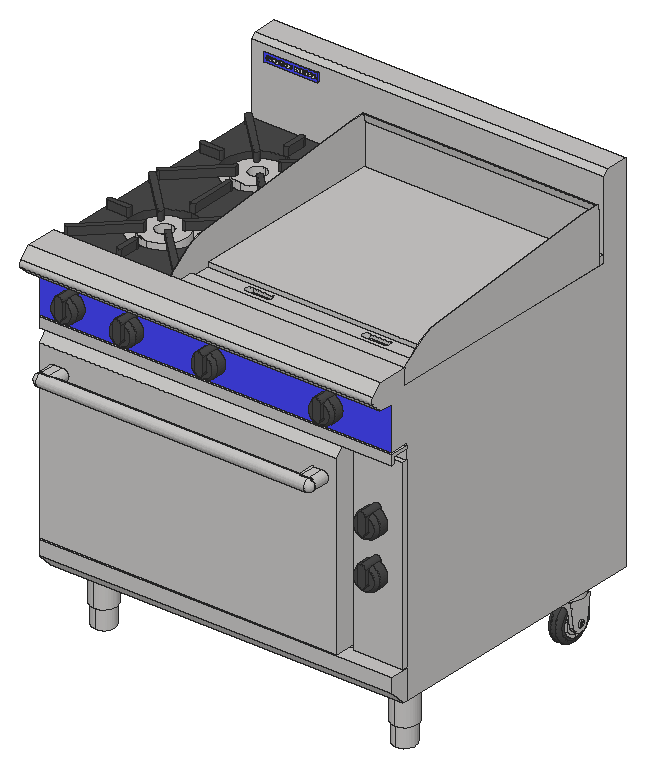
Revit family "QF_MOFFAT_BLUESEAL_CE_GE506B", category Specialty Equipment, Revit 2012
Parameters
  Width = 900 mm  # constant formula
  Weight in Pounds = 485
  Watts = 6500 W
  Volts = 400 V
  URL Cutsheet = "www.moffat.com"
  URL = "www.moffat.com"
  Type Mark [instance] = ""
  Status [instance] = ""
  Specification by User [instance] = ""
  Specification by Manufacturer = ""
  Show Logo [instance] = yes
  Show Clearance [instance] = yes
  Show Casters [instance] = yes
  Serial Number = ""
  Seismic Rating = ""
  SMACNA No = ""
  Revision Code [instance] = ""
  Phase = 3
  Omniclass Number and Title = ""
  Number of Poles [instance] = 1
  NAFEM Spec ID Number = ""
  Model = "GE506B"
  Min Ckt Ampacity = 0 A
  Mechanical Remarks = ""
  Mechanical Connection Type [instance] = ""
  Max Overcurrent Protection = 0 A
  Masterspec = ""
  Manufacturer = "MOFFAT BLUESEAL"
  Legs [instance] = not(Show Casters)  # no
  Item Number [instance] = ""
  Installed By [instance] = ""
  Identify Quantity as Lot [instance] = yes
  Height = 970 mm  # constant formula
  HP = ""
  Gas Size = 3/4"
  Gas RI Height [instance] = 0 mm
  Gas KW [instance] = 26.6
  Gas Input [instance] = 90990.0 Btu/h
  Gas Connection Height = 0 mm
  Furnished By [instance] = ""
  Foodservice Equipment Identifier [instance] = yes
  FL Amps = 9.4 A
  Electrical Remarks = "9.4A PER PHASE"
  Electric Connection Type = ""
  Elec Conn RI Height = 0 mm
  Elec Conn Connection Height = 0 mm
  Description = "900MM GAS RANGE WITH ELECTRIC STATIC OVEN"
  Depth = 812 mm  # constant formula
  Cycle = 50 Hz
  Conn Plug = ""
  Conn Conduit = yes
  CSI MasterFormat = ""
  CSI Master Format = ""
  Body Finish = QF_Finishes_Stainless Steel
  Apparent Power = 0 VA
Reference planes
  plane 1 "BACK": y = 0
  plane 2: z = 0
  plane 3 "LEFT": x = 0
  plane 4 "RIGHT": x = 900
  plane 5 "FRONT": y = -812
  plane 6 "TOP": z = 970
  plane 7 "Center Y": x = 450
  plane 8 "Center X": y = -406
  plane 9: x = 280
  plane 10: y = -574.272
  plane 11: x = 60
  plane 12: y = -304.972
  plane 13: y = -364.972
  plane 14: x = 74
  plane 15: y = -812
  plane 16: x = 834.5
  plane 17: y = -32
  plane 18: z = 655
  plane 19: y = -100
  plane 20: z = 1085
  plane 21: y = -705
  plane 22: x = 65.8
Forms (mm)
  Extrusion 1, solid, material "QF_Finishes_Stainless Steel" <- "Body Finish"
    sketch origin (0, 0, 0) x (0, 1, 0) y (0, 0, 1)
      loop
        line (0, 150) -> (0, 1085) -> (-57.5, 1085) -> (-70, 1072.5) -> (-70, 875) -> (-705, 875) -> (-705, 915) -> (-783.97, 915) -> (-808.476, 890.494)
        arc (-808.476, 890.494) -> (-811.994, 882) -> (-808.476, 873.506) r 12.013
        line (-808.476, 873.506) -> (-784.97, 850) -> (-749, 850) -> (-749, 740) -> (-699, 740) -> (-699, 150) -> (0, 150)
    from 0 to 900
  Extrusion 2, solid, material "QF_Finishes_Stainless Steel"
    sketch origin (0, 7, 0) x (0, 1, 0) y (0, 0, 1)
      loop
        line (-706, 700) -> (-732, 700) -> (-756, 676) -> (-756, 227.5) -> (-706, 227.5) -> (-706, 700)
    from 0 to 760
  Extrusion 3, solid, material "QF_Finishes_Stainless Steel"
    sketch origin (723.5, 7, 0) x (0, 1, 0) y (0, 0, 1)
      loop
        line (-706, 700) -> (-721, 700) -> (-721, 227.5) -> (-706, 227.5) -> (-706, 700)
    from 51.5 to 176.5
  Revolve 4, solid, material "QF_Finishes_Stainless Steel" <- "Body Finish"
    sketch origin (834.5, -696.126, 0) x (0, 1, 0) y (0, 0, -1)
      loop
        line (39.376, -150) -> (71.126, -150) -> (71.126, 0) -> (43.626, 0) -> (43.626, -50) -> (39.376, -50) -> (39.376, -150)
      axis (71.126, -150) -> (71.126, 0)
    angle from 0 to 360
  Revolve 5, solid, material "QF_Finishes_Stainless Steel" <- "Body Finish"
    sketch origin (65.5, -696.126, 0) x (0, 1, 0) y (0, 0, 1)
      loop
        line (39.376, 150) -> (39.376, 50) -> (43.626, 50) -> (43.626, 0) -> (71.126, 0) -> (71.126, 150) -> (39.376, 150)
      axis (71.126, 150) -> (71.126, 0)
    angle from 0 to 360
  Extrusion 6, solid, material "QF_Finishes_Stainless Steel"
    sketch origin (-64.5, 0, 325) x (1, 0, 0) y (0, 1, 0)
      loop
        circle (834.5, -32) r 10
    from 330 to 371
  Revolve 7, solid, material "QF_Finishes_Black"
    sketch origin (749.887, 45.874, -0.118) x (0, 1, 0) y (0, 0, 1)
      loop
        line (-827.874, 829.5) -> (-838.874, 823.651) -> (-838.874, 797) -> (-794.874, 797) -> (-794.874, 802) -> (-804.874, 802) -> (-804.874, 829.5) -> (-827.874, 829.5)
      axis (-838.874, 797) -> (-794.874, 797)
    angle from 0 to 360
  Revolve 8, solid, material "QF_Finishes_Black"
    sketch origin (90.649, 45.874, -0.118) x (0, 1, 0) y (0, 0, -1)
      loop
        line (-827.874, -829.5) -> (-804.874, -829.5) -> (-804.874, -802) -> (-794.874, -802) -> (-794.874, -797) -> (-838.874, -797) -> (-838.874, -823.651) -> (-827.874, -829.5)
      axis (-838.874, -797) -> (-794.874, -797)
    angle from 0 to 360
  Revolve 9, solid, material "QF_Finishes_Black"
    sketch origin (240.649, 45.874, -0.118) x (0, 1, 0) y (0, 0, -1)
      loop
        line (-827.874, -829.5) -> (-804.874, -829.5) -> (-804.874, -802) -> (-794.874, -802) -> (-794.874, -797) -> (-838.874, -797) -> (-838.874, -823.651) -> (-827.874, -829.5)
      axis (-838.874, -797) -> (-794.874, -797)
    angle from 0 to 360
  Revolve 10, solid, material "QF_Finishes_Black"
    sketch origin (450, 45.874, -0.118) x (0, 1, 0) y (0, 0, -1)
      loop
        line (-827.874, -829.5) -> (-804.874, -829.5) -> (-804.874, -802) -> (-794.874, -802) -> (-794.874, -797) -> (-838.874, -797) -> (-838.874, -823.651) -> (-827.874, -829.5)
      axis (-838.874, -797) -> (-794.874, -797)
    angle from 0 to 360
  Extrusion 11, solid, material "QF_Finishes_Black"
    sketch origin (238.456, 7, -0.118) x (-1, 0, 0) y (0, 0, -1)
      loop
        arc (158.3, -789) -> (148.3, -779) -> (138.3, -789) r 10
        line (138.3, -789) -> (138.3, -824)
        arc (138.3, -824) -> (148.3, -834) -> (158.3, -824) r 10
        line (158.3, -824) -> (158.3, -789)
    from 759 to 808
  Extrusion 12, solid, material "QF_Finishes_Black"
    sketch origin (388.456, 7, -0.118) x (-1, 0, 0) y (0, 0, -1)
      loop
        arc (158.3, -789) -> (148.3, -779) -> (138.3, -789) r 10
        line (138.3, -789) -> (138.3, -824)
        arc (138.3, -824) -> (148.3, -834) -> (158.3, -824) r 10
        line (158.3, -824) -> (158.3, -789)
    from 759 to 808
  Extrusion 13, solid, material "QF_Finishes_Black"
    sketch origin (602.08, 7, -0.118) x (1, 0, 0) y (0, 0, 1)
      loop
        line (158.3, 789) -> (158.3, 824)
        arc (158.3, 824) -> (148.3, 834) -> (138.3, 824) r 10
        line (138.3, 824) -> (138.3, 789)
        arc (138.3, 789) -> (148.3, 779) -> (158.3, 789) r 10
    from 759 to 808
  Extrusion 14, solid, material "QF_Finishes_Black"
    sketch origin (597.807, 7, -0.118) x (-1, 0, 0) y (0, 0, -1)
      loop
        arc (158.3, -789) -> (148.3, -779) -> (138.3, -789) r 10
        line (138.3, -789) -> (138.3, -824)
        arc (138.3, -824) -> (148.3, -834) -> (158.3, -824) r 10
        line (158.3, -824) -> (158.3, -789)
    from 759 to 808
  Revolve 15, solid, material "QF_Finishes_Black"
    sketch origin (836.851, 80.874, -245.743) x (0, 1, 0) y (0, 0, 1)
      loop
        line (-827.874, 829.5) -> (-838.874, 823.651) -> (-838.874, 797) -> (-794.874, 797) -> (-794.874, 802) -> (-804.874, 802) -> (-804.874, 829.5) -> (-827.874, 829.5)
      axis (-838.874, 797) -> (-794.874, 797)
    angle from 0 to 360
  Extrusion 16, solid, material "QF_Finishes_Black"
    sketch origin (689.044, 42, -245.743) x (1, 0, 0) y (0, 0, 1)
      loop
        line (158.3, 789) -> (158.3, 824)
        arc (158.3, 824) -> (148.3, 834) -> (138.3, 824) r 10
        line (138.3, 824) -> (138.3, 789)
        arc (138.3, 789) -> (148.3, 779) -> (158.3, 789) r 10
    from 759 to 808
  Extrusion 17, solid, material "QF_Door-Drawer Clearances", visible <- "Show Clearance", detail levels coarse
    sketch origin (0, 7, 0) x (0, -1, 0) y (0, 0, 1)
      loop
        line (756, 697.347) -> (756, 227.5) -> (1225.847, 227.5)
        arc (1225.847, 227.5) -> (1088.232, 559.732) -> (756, 697.347) r 469.847
    from 0 to -760
  Extrusion 18, void
    sketch origin (0, 0, 220) x (1, 0, 0) y (0, 1, 0)
      loop
        line (824, -87) -> (824, 0) -> (694, 0) -> (694, -39) -> (744, -87) -> (824, -87)
    from 0 to 476
  Extrusion 19, solid, material "QF_Finishes_Stainless Steel"
    sketch origin (0, -749, 227.5) x (0, 0, 1) y (-1, 0, 0)
      loop
        line (380.625, -38.246) -> (380.625, -58.528)
        arc (380.625, -58.528) -> (395.625, -73.528) -> (410.625, -58.528) r 15
        line (410.625, -58.528) -> (410.625, -38.246)
        arc (410.625, -38.246) -> (395.625, -23.246) -> (380.625, -38.246) r 15
      loop
        arc (380.625, -723.039) -> (395.625, -738.039) -> (410.625, -723.039) r 15
        line (410.625, -723.039) -> (410.625, -702.757)
        arc (410.625, -702.757) -> (395.625, -687.757) -> (380.625, -702.757) r 15
        line (380.625, -702.757) -> (380.625, -723.039)
    from 0 to 44
  Revolve 20, solid, material "QF_Finishes_Stainless Steel"
    sketch origin (0, -793, 0) x (1, 0, 0) y (0, 0, 1)
      loop
        arc (738.039, 623.125) -> (733.646, 633.732) -> (723.039, 638.125) r 15
        line (723.039, 638.125) -> (38.246, 638.125)
        arc (38.246, 638.125) -> (27.64, 633.732) -> (23.246, 623.125) r 15
        line (23.246, 623.125) -> (738.039, 623.125)
      axis (738.039, 623.125) -> (23.246, 623.125)
    angle from 0 to 360
  Extrusion 21, solid, material "QF_Finishes_Stainless Steel" <- "Body Finish"
    sketch origin (0, 7, 0) x (0, 1, 0) y (0, 0, 1)
      loop
        line (-756, 710) -> (-747.224, 710) -> (-749.613, 726.999) -> (-707.93, 726.999) -> (-707.93, 734.003) -> (-756, 734.003) -> (-756, 710)
    from 0 to 900
  Extrusion 22, solid, material "QF_Finishes_Stainless Steel" <- "Body Finish"
    sketch origin (0, 4.73, 0) x (0, 1, 0) y (0, 0, 1)
      loop
        line (-753.73, 222.5) -> (-753.73, 186) -> (-717.73, 150) -> (-703.73, 150) -> (-703.73, 222.5) -> (-753.73, 222.5)
    from 0 to 900
  Extrusion 23, solid, material "QF_Finishes_Stainless Steel", visible <- "Show Casters"
    sketch origin (71.501, 133.353, -8.783) x (0, 1, 0) y (0, 0, 1)
      loop
        line (-201.603, 118.783) -> (-265.103, 118.783) -> (-252.746, 53.895)
        arc (-252.746, 53.895) -> (-233.353, 38.783) -> (-213.959, 53.895) r 20
        line (-213.959, 53.895) -> (-201.603, 118.783)
    from -35.667 to 22.923
  Revolve 24, solid, material "QF_Finishes_Stainless Steel", visible <- "Show Casters"
    sketch origin (65, -203, 0) x (0, 1, 0) y (0, 0, 1)
      loop
        line (67.25, 150) -> (67.25, 110) -> (103, 110) -> (103, 150) -> (67.25, 150)
      axis (103, 150) -> (103, 110)
    angle from 0 to 360
  Revolve 25, solid, material "QF_Finishes_Stainless Steel", visible <- "Show Casters"
    sketch origin (834.5, -203, 0) x (0, 1, 0) y (0, 0, -1)
      loop
        line (67.25, -150) -> (103, -150) -> (103, -110) -> (67.25, -110) -> (67.25, -150)
      axis (103, -150) -> (103, -110)
    angle from 0 to 360
  Revolve 26, solid, material "QF_Finishes_Stainless Steel", visible <- "Show Casters"
    sketch origin (785.276, -99.755, -13.653) x (1, 0, 0) y (0, 0, 1)
      loop
        line (14.841, 64.453) -> (83.584, 64.453) -> (83.584, 67.958) -> (82.314, 69.228) -> (80.79, 69.228) -> (80.79, 72.674) -> (68.644, 72.674) -> (68.644, 82.639) -> (65.088, 84.692) -> (63.738, 93.028) -> (65.881, 93.028) -> (65.881, 99.378) -> (65.088, 99.378) -> (65.088, 105.728)
        arc (65.088, 105.728) -> (62.298, 112.463) -> (55.563, 115.253) r 9.525
        line (55.563, 115.253) -> (42.863, 115.253)
        arc (42.863, 115.253) -> (36.127, 112.463) -> (33.338, 105.728) r 9.525
        line (33.338, 105.728) -> (33.338, 99.378) -> (32.544, 99.378) -> (32.544, 93.028) -> (34.687, 93.028) -> (33.352, 84.781) -> (29.782, 82.719) -> (29.782, 72.674) -> (17.635, 72.674) -> (17.635, 69.228) -> (16.111, 69.228) -> (14.841, 67.958) -> (14.841, 64.453)
      axis (14.841, 64.453) -> (83.584, 64.453)
    angle from 0 to 360
  Extrusion 27, solid, material "QF_Finishes_Stainless Steel", visible <- "Show Casters"
    sketch origin (841.001, 133.353, -8.783) x (0, 1, 0) y (0, 0, 1)
      loop
        line (-201.603, 118.783) -> (-265.103, 118.783) -> (-252.746, 53.895)
        arc (-252.746, 53.895) -> (-233.353, 38.783) -> (-213.959, 53.895) r 20
        line (-213.959, 53.895) -> (-201.603, 118.783)
    from -35.667 to 22.923
  Revolve 28, solid, material "QF_Finishes_Stainless Steel", visible <- "Legs"
    sketch origin (65, -165, 0) x (0, 1, 0) y (0, 0, 1)
      loop
        line (33.25, 150) -> (33.25, 50) -> (37.5, 50) -> (37.5, 0) -> (65, 0) -> (65, 150) -> (33.25, 150)
      axis (65, 150) -> (65, 0)
    angle from 0 to 360
  Revolve 29, solid, material "QF_Finishes_Stainless Steel", visible <- "Legs"
    sketch origin (834.5, -165, 0) x (0, 1, 0) y (0, 0, -1)
      loop
        line (33.25, -150) -> (65, -150) -> (65, 0) -> (37.5, 0) -> (37.5, -50) -> (33.25, -50) -> (33.25, -150)
      axis (65, -150) -> (65, 0)
    angle from 0 to 360
  Revolve 30, solid, material "QF_Finishes_Stainless Steel", visible <- "Show Casters"
    sketch origin (114.224, -99.755, -13.653) x (-1, 0, 0) y (0, 0, -1)
      loop
        line (14.841, -64.453) -> (14.841, -67.958) -> (16.111, -69.228) -> (17.635, -69.228) -> (17.635, -72.674) -> (29.782, -72.674) -> (29.782, -82.719) -> (33.352, -84.781) -> (34.687, -93.028) -> (32.544, -93.028) -> (32.544, -99.378) -> (33.338, -99.378) -> (33.338, -105.728)
        arc (33.338, -105.728) -> (36.127, -112.463) -> (42.863, -115.253) r 9.525
        line (42.863, -115.253) -> (55.563, -115.253)
        arc (55.563, -115.253) -> (62.298, -112.463) -> (65.088, -105.728) r 9.525
        line (65.088, -105.728) -> (65.088, -99.378) -> (65.881, -99.378) -> (65.881, -93.028) -> (63.738, -93.028) -> (65.088, -84.692) -> (68.644, -82.639) -> (68.644, -72.674) -> (80.79, -72.674) -> (80.79, -69.228) -> (82.314, -69.228) -> (83.584, -67.958) -> (83.584, -64.453) -> (14.841, -64.453)
      axis (14.841, -64.453) -> (83.584, -64.453)
    angle from 0 to 360
  Extrusion 31, solid, material "QF_Finishes_Black"
    sketch origin (0, -70, 875) x (0, -1, 0) y (1, 0, 0)
      loop
        arc (1, 4) -> (1.879, 1.879) -> (4, 1) r 3
        line (4, 1) -> (632, 1)
        arc (632, 1) -> (634.121, 1.879) -> (635, 4) r 3
        line (635, 4) -> (635, 297)
        arc (635, 297) -> (634.121, 299.121) -> (632, 300) r 3
        line (632, 300) -> (4, 300)
        arc (4, 300) -> (1.879, 299.121) -> (1, 297) r 3
        line (1, 297) -> (1, 4)
      loop
        circle (167.5, 150) r 85
      loop
        circle (467.768, 150) r 85
    from 0 to 19.5
  Extrusion 32, solid, material "QF_Finishes_Black"
    sketch origin (0, -73.5, 894.5) x (0, -1, 0) y (1, 0, 0)
      loop
        spline (323.602, 15.153) -> (322.681, 13.924) -> (322.131, 12.47) -> (321.99, 10.89) -> (322.267, 9.292) -> (322.943, 7.786) -> (323.973, 6.473) -> (325.286, 5.443) -> (326.792, 4.767) -> (328.39, 4.49) -> (329.97, 4.631) -> (331.424, 5.181) -> (332.653, 6.102)
        line (332.653, 6.102) -> (440.576, 114.025)
        spline (440.576, 114.025) -> (441.337, 115.095) -> (441.738, 116.399) -> (441.751, 117.851) -> (441.375, 119.35) -> (440.637, 120.795) -> (439.586, 122.086) -> (438.295, 123.137) -> (436.85, 123.875) -> (435.351, 124.251) -> (433.899, 124.238) -> (432.595, 123.837) -> (431.525, 123.076)
        line (431.525, 123.076) -> (323.602, 15.153)
      loop
        spline (371.852, 143.6) -> (373.146, 143.818) -> (374.352, 144.457) -> (375.388, 145.475) -> (376.182, 146.8) -> (376.682, 148.344) -> (376.852, 150) -> (376.682, 151.656) -> (376.182, 153.2) -> (375.388, 154.525) -> (374.352, 155.543) -> (373.146, 156.182) -> (371.852, 156.4)
        line (371.852, 156.4) -> (259.398, 156.4)
        spline (259.398, 156.4) -> (258.104, 156.182) -> (256.898, 155.543) -> (255.862, 154.525) -> (255.068, 153.2) -> (254.568, 151.656) -> (254.398, 150) -> (254.568, 148.344) -> (255.068, 146.8) -> (255.862, 145.475) -> (256.898, 144.457) -> (258.104, 143.818) -> (259.398, 143.6)
        line (259.398, 143.6) -> (371.852, 143.6)
      loop
        line (311.398, 15.153) -> (203.475, 123.076)
        spline (203.475, 123.076) -> (202.405, 123.837) -> (201.101, 124.238) -> (199.649, 124.251) -> (198.15, 123.875) -> (196.705, 123.137) -> (195.414, 122.086) -> (194.363, 120.795) -> (193.625, 119.35) -> (193.249, 117.851) -> (193.262, 116.399) -> (193.663, 115.095) -> (194.424, 114.025)
        line (194.424, 114.025) -> (302.347, 6.102)
        spline (302.347, 6.102) -> (303.416, 5.341) -> (304.721, 4.941) -> (306.172, 4.928) -> (307.671, 5.303) -> (309.116, 6.041) -> (310.408, 7.092) -> (311.459, 8.384) -> (312.197, 9.829) -> (312.572, 11.328) -> (312.559, 12.779) -> (312.159, 14.084) -> (311.398, 15.153)
      loop
        line (323.602, 284.847) -> (431.525, 176.924)
        spline (431.525, 176.924) -> (432.595, 176.163) -> (433.899, 175.762) -> (435.351, 175.749) -> (436.85, 176.125) -> (438.295, 176.863) -> (439.586, 177.914) -> (440.637, 179.205) -> (441.375, 180.65) -> (441.751, 182.149) -> (441.738, 183.601) -> (441.337, 184.905) -> (440.576, 185.975)
        line (440.576, 185.975) -> (332.653, 293.898)
        spline (332.653, 293.898) -> (331.424, 294.819) -> (329.97, 295.369) -> (328.39, 295.51) -> (326.792, 295.233) -> (325.286, 294.557) -> (323.973, 293.527) -> (322.943, 292.214) -> (322.267, 290.708) -> (321.99, 289.11) -> (322.131, 287.53) -> (322.681, 286.076) -> (323.602, 284.847)
      loop
        spline (311.398, 284.847) -> (312.159, 285.916) -> (312.559, 287.221) -> (312.572, 288.672) -> (312.197, 290.171) -> (311.459, 291.616) -> (310.408, 292.908) -> (309.116, 293.959) -> (307.671, 294.697) -> (306.172, 295.072) -> (304.721, 295.059) -> (303.416, 294.659) -> (302.347, 293.898)
        line (302.347, 293.898) -> (194.424, 185.975)
        spline (194.424, 185.975) -> (193.663, 184.905) -> (193.262, 183.601) -> (193.249, 182.149) -> (193.625, 180.65) -> (194.363, 179.205) -> (195.414, 177.914) -> (196.705, 176.863) -> (198.15, 176.125) -> (199.649, 175.749) -> (201.101, 175.762) -> (202.405, 176.163) -> (203.475, 176.924)
        line (203.475, 176.924) -> (311.398, 284.847)
      loop
        spline (73.549, 143.6) -> (74.844, 143.818) -> (76.049, 144.457) -> (77.085, 145.475) -> (77.88, 146.8) -> (78.379, 148.344) -> (78.549, 150) -> (78.379, 151.656) -> (77.88, 153.2) -> (77.085, 154.525) -> (76.049, 155.543) -> (74.844, 156.182) -> (73.549, 156.4)
        line (73.549, 156.4) -> (25.093, 156.4)
        spline (25.093, 156.4) -> (23.799, 156.182) -> (22.593, 155.543) -> (21.558, 154.525) -> (20.763, 153.2) -> (20.264, 151.656) -> (20.093, 150) -> (20.264, 148.344) -> (20.763, 146.8) -> (21.558, 145.475) -> (22.593, 144.457) -> (23.799, 143.818) -> (25.093, 143.6)
        line (25.093, 143.6) -> (73.549, 143.6)
      loop
        spline (608.1, 143.6) -> (609.394, 143.818) -> (610.6, 144.457) -> (611.636, 145.475) -> (612.43, 146.8) -> (612.93, 148.344) -> (613.1, 150) -> (612.93, 151.656) -> (612.43, 153.2) -> (611.636, 154.525) -> (610.6, 155.543) -> (609.394, 156.182) -> (608.1, 156.4)
        line (608.1, 156.4) -> (558.644, 156.4)
        spline (558.644, 156.4) -> (557.35, 156.182) -> (556.144, 155.543) -> (555.108, 154.525) -> (554.314, 153.2) -> (553.814, 151.656) -> (553.644, 150) -> (553.814, 148.344) -> (554.314, 146.8) -> (555.108, 145.475) -> (556.144, 144.457) -> (557.35, 143.818) -> (558.644, 143.6)
        line (558.644, 143.6) -> (608.1, 143.6)
      loop
        spline (457.6, 10.156) -> (457.818, 8.862) -> (458.457, 7.656) -> (459.475, 6.62) -> (460.8, 5.826) -> (462.344, 5.326) -> (464, 5.156) -> (465.656, 5.326) -> (467.2, 5.826) -> (468.525, 6.62) -> (469.543, 7.656) -> (470.182, 8.862) -> (470.4, 10.156)
        line (470.4, 10.156) -> (470.4, 58.612)
        spline (470.4, 58.612) -> (470.182, 59.906) -> (469.543, 61.112) -> (468.525, 62.148) -> (467.2, 62.942) -> (465.656, 63.442) -> (464, 63.612) -> (462.344, 63.442) -> (460.8, 62.942) -> (459.475, 62.148) -> (458.457, 61.112) -> (457.818, 59.906) -> (457.6, 58.612)
        line (457.6, 58.612) -> (457.6, 10.156)
      loop
        spline (160.966, 10.156) -> (161.184, 8.862) -> (161.823, 7.656) -> (162.841, 6.62) -> (164.166, 5.826) -> (165.71, 5.326) -> (167.366, 5.156) -> (169.022, 5.326) -> (170.566, 5.826) -> (171.892, 6.62) -> (172.909, 7.656) -> (173.548, 8.862) -> (173.766, 10.156)
        line (173.766, 10.156) -> (173.766, 58.612)
        spline (173.766, 58.612) -> (173.548, 59.906) -> (172.909, 61.112) -> (171.892, 62.148) -> (170.566, 62.942) -> (169.022, 63.442) -> (167.366, 63.612) -> (165.71, 63.442) -> (164.166, 62.942) -> (162.841, 62.148) -> (161.823, 61.112) -> (161.184, 59.906) -> (160.966, 58.612)
        line (160.966, 58.612) -> (160.966, 10.156)
      loop
        spline (457.6, 241.636) -> (457.818, 240.342) -> (458.457, 239.136) -> (459.475, 238.1) -> (460.8, 237.306) -> (462.344, 236.806) -> (464, 236.636) -> (465.656, 236.806) -> (467.2, 237.306) -> (468.525, 238.1) -> (469.543, 239.136) -> (470.182, 240.342) -> (470.4, 241.636)
        line (470.4, 241.636) -> (470.4, 290.092)
        spline (470.4, 290.092) -> (470.182, 291.386) -> (469.543, 292.592) -> (468.525, 293.628) -> (467.2, 294.422) -> (465.656, 294.922) -> (464, 295.092) -> (462.344, 294.922) -> (460.8, 294.422) -> (459.475, 293.628) -> (458.457, 292.592) -> (457.818, 291.386) -> (457.6, 290.092)
        line (457.6, 290.092) -> (457.6, 241.636)
      loop
        spline (160.966, 241.636) -> (161.184, 240.342) -> (161.823, 239.136) -> (162.841, 238.1) -> (164.166, 237.306) -> (165.71, 236.806) -> (167.366, 236.636) -> (169.022, 236.806) -> (170.566, 237.306) -> (171.892, 238.1) -> (172.909, 239.136) -> (173.548, 240.342) -> (173.766, 241.636)
        line (173.766, 241.636) -> (173.766, 290.092)
        spline (173.766, 290.092) -> (173.548, 291.386) -> (172.909, 292.592) -> (171.892, 293.628) -> (170.566, 294.422) -> (169.022, 294.922) -> (167.366, 295.092) -> (165.71, 294.922) -> (164.166, 294.422) -> (162.841, 293.628) -> (161.823, 292.592) -> (161.184, 291.386) -> (160.966, 290.092)
        line (160.966, 290.092) -> (160.966, 241.636)
      loop
        line (604.398, 15.153) -> (496.475, 123.076)
        spline (496.475, 123.076) -> (495.405, 123.837) -> (494.101, 124.238) -> (492.649, 124.251) -> (491.15, 123.875) -> (489.705, 123.137) -> (488.414, 122.086) -> (487.363, 120.795) -> (486.625, 119.35) -> (486.249, 117.851) -> (486.262, 116.399) -> (486.663, 115.095) -> (487.424, 114.025)
        line (487.424, 114.025) -> (595.347, 6.102)
        spline (595.347, 6.102) -> (596.576, 5.181) -> (598.03, 4.631) -> (599.61, 4.49) -> (601.208, 4.767) -> (602.714, 5.443) -> (604.027, 6.473) -> (605.057, 7.786) -> (605.733, 9.292) -> (606.01, 10.89) -> (605.869, 12.47) -> (605.319, 13.924) -> (604.398, 15.153)
      loop
        spline (604.398, 284.847) -> (605.319, 286.076) -> (605.869, 287.53) -> (606.01, 289.11) -> (605.733, 290.708) -> (605.057, 292.214) -> (604.027, 293.527) -> (602.714, 294.557) -> (601.208, 295.233) -> (599.61, 295.51) -> (598.03, 295.369) -> (596.576, 294.819) -> (595.347, 293.898)
        line (595.347, 293.898) -> (487.424, 185.975)
        spline (487.424, 185.975) -> (486.663, 184.905) -> (486.262, 183.601) -> (486.249, 182.149) -> (486.625, 180.65) -> (487.363, 179.205) -> (488.414, 177.914) -> (489.705, 176.863) -> (491.15, 176.125) -> (492.649, 175.749) -> (494.101, 175.762) -> (495.405, 176.163) -> (496.475, 176.924)
        line (496.475, 176.924) -> (604.398, 284.847)
      loop
        spline (16.602, 15.153) -> (15.841, 14.084) -> (15.441, 12.779) -> (15.428, 11.328) -> (15.803, 9.829) -> (16.541, 8.384) -> (17.592, 7.092) -> (18.884, 6.041) -> (20.329, 5.303) -> (21.828, 4.928) -> (23.279, 4.941) -> (24.584, 5.341) -> (25.653, 6.102)
        line (25.653, 6.102) -> (133.576, 114.025)
        spline (133.576, 114.025) -> (134.337, 115.095) -> (134.738, 116.399) -> (134.751, 117.851) -> (134.375, 119.35) -> (133.637, 120.795) -> (132.586, 122.086) -> (131.295, 123.137) -> (129.85, 123.875) -> (128.351, 124.251) -> (126.899, 124.238) -> (125.595, 123.837) -> (124.525, 123.076)
        line (124.525, 123.076) -> (16.602, 15.153)
      loop
        line (16.602, 284.847) -> (124.525, 176.924)
        spline (124.525, 176.924) -> (125.595, 176.163) -> (126.899, 175.762) -> (128.351, 175.749) -> (129.85, 176.125) -> (131.295, 176.863) -> (132.586, 177.914) -> (133.637, 179.205) -> (134.375, 180.65) -> (134.751, 182.149) -> (134.738, 183.601) -> (134.337, 184.905) -> (133.576, 185.975)
        line (133.576, 185.975) -> (25.653, 293.898)
        spline (25.653, 293.898) -> (24.584, 294.659) -> (23.279, 295.059) -> (21.828, 295.072) -> (20.329, 294.697) -> (18.884, 293.959) -> (17.592, 292.908) -> (16.541, 291.616) -> (15.803, 290.171) -> (15.428, 288.672) -> (15.441, 287.221) -> (15.841, 285.916) -> (16.602, 284.847)
    from 0 to 20.5
  Extrusion 33, solid, material "QF_Finishes_Stainless Steel"
    sketch origin (0, -70, 875) x (0, -1, 0) y (1, 0, 0)
      loop
        circle (467.5, 150) r 57
      loop
        circle (167.5, 150) r 57
      loop
        circle (467.5, 150) r 22
      loop
        circle (167.5, 150) r 22
    from 0 to 19.5
  Extrusion 34, solid, material "QF_Finishes_Stainless Steel"
    sketch origin (0, 0, 0) x (1, 0, 0) y (0, 1, 0)
      loop
        circle (826, -501) r 6.35
    from 150 to 147.817
  Revolve 35, solid, material "QF_Finishes_Black"
    sketch origin (836.851, 80.874, -365.743) x (0, 1, 0) y (0, 0, 1)
      loop
        line (-827.874, 829.5) -> (-838.874, 823.651) -> (-838.874, 797) -> (-794.874, 797) -> (-794.874, 802) -> (-804.874, 802) -> (-804.874, 829.5) -> (-827.874, 829.5)
      axis (-838.874, 797) -> (-794.874, 797)
    angle from 0 to 360
  Extrusion 36, solid, material "QF_Finishes_Black"
    sketch origin (689.044, 42, -365.743) x (1, 0, 0) y (0, 0, 1)
      loop
        line (158.3, 789) -> (158.3, 824)
        arc (158.3, 824) -> (148.3, 834) -> (138.3, 824) r 10
        line (138.3, 824) -> (138.3, 789)
        arc (138.3, 789) -> (148.3, 779) -> (158.3, 789) r 10
    from 759 to 808
Cuts and joins
  Extrusion 18 cuts Extrusion 1
Lines and regions (mm)
  Split face 1
    outline origin (900, 0, 1085) x (-1, 0, 0) y (0, -1, 0)
      loop
        arc (867.206, 18.385) -> (875.866, 23.385) -> (875.866, 33.385) r 10
        line (875.866, 33.385) -> (871.824, 40.385)
        arc (871.824, 40.385) -> (868.164, 44.045) -> (863.164, 45.385) r 10
        line (863.164, 45.385) -> (635.206, 45.385)
        arc (635.206, 45.385) -> (626.545, 40.385) -> (626.545, 30.385) r 10
        line (626.545, 30.385) -> (630.587, 23.385)
        arc (630.587, 23.385) -> (634.247, 19.725) -> (639.247, 18.385) r 10
        line (639.247, 18.385) -> (867.206, 18.385)
  Split face 2
    outline origin (900, 0, 1085) x (-1, 0, 0) y (0, -1, 0)
      loop
        arc (567.206, 18.385) -> (575.866, 23.385) -> (575.866, 33.385) r 10
        line (575.866, 33.385) -> (571.824, 40.385)
        arc (571.824, 40.385) -> (568.164, 44.045) -> (563.164, 45.385) r 10
        line (563.164, 45.385) -> (335.206, 45.385)
        arc (335.206, 45.385) -> (326.545, 40.385) -> (326.545, 30.385) r 10
        line (326.545, 30.385) -> (330.587, 23.385)
        arc (330.587, 23.385) -> (334.247, 19.725) -> (339.247, 18.385) r 10
        line (339.247, 18.385) -> (567.206, 18.385)
  Split face 3
    outline origin (900, 0, 1085) x (-1, 0, 0) y (0, -1, 0)
      loop
        arc (35.206, 45.385) -> (26.545, 40.385) -> (26.545, 30.385) r 10
        line (26.545, 30.385) -> (30.587, 23.385)
        arc (30.587, 23.385) -> (34.247, 19.725) -> (39.247, 18.385) r 10
        line (39.247, 18.385) -> (267.206, 18.385)
        arc (267.206, 18.385) -> (275.866, 23.385) -> (275.866, 33.385) r 10
        line (275.866, 33.385) -> (271.824, 40.385)
        arc (271.824, 40.385) -> (268.164, 44.045) -> (263.164, 45.385) r 10
        line (263.164, 45.385) -> (35.206, 45.385)
  symbolic lines
    curve 1: line (0, 0, 0) -> (0, -812, 0)
    curve 2: line (900, 0, 0) -> (0, 0, 0)
    curve 3: line (900, -812, 0) -> (900, 0, 0)
    curve 4: line (0, -70, 0) -> (900, -70, 0)
    curve 5: line (900, -812, 0) -> (0, -812, 0)
    curve 6: line (900, -705, 0) -> (0, -705, 0)
    curve 7: line (0, -701.7, 0) -> (900, -701.7, 0)
    curve 8: line (900, -72.734, 0) -> (0, -72.734, 0)
    curve 9: arc (22.65, -812, 0) -> (34.104, -822.278, 0) -> (48.889, -826.544, 0) r 34.455
    curve 10: line (48.889, -826.544, 0) -> (721.858, -826.544, 0)
    curve 11: arc (721.858, -826.544, 0) -> (736.403, -822.647, 0) -> (747.05, -812, 0) r 29.089
    curve 15: line (300, -72.734, 0) -> (300, -701.7, 0)
    curve 16: line (0, -391, 0) -> (300, -391, 0)
    curve 17: line (149.988, -331.778, 0) -> (149.988, -448.358, 0)
    curve 18: line (150.034, -681.268, 0) -> (150.034, -628.558, 0)
    curve 19: line (9.26, -537.634, 0) -> (59.26, -537.634, 0)
    curve 20: line (178.593, -512.407, 0) -> (291.73, -399.27, 0)
    curve 21: line (291.767, -537.634, 0) -> (240.041, -537.634, 0)
    curve 22: arc (150, -480.5, 150) -> (207, -537.5, 150) -> (150, -594.5, 150) r 57
    curve 23: arc (150, -594.5, 150) -> (93, -537.5, 150) -> (150, -480.5, 150) r 57
    curve 24: arc (150, -622.768, 150) -> (235, -537.768, 150) -> (150, -452.768, 150) r 85
    curve 25: arc (150, -452.768, 150) -> (65, -537.768, 150) -> (150, -622.768, 150) r 85
    curve 26: arc (150, -515.5, 150) -> (128, -537.5, 150) -> (150, -559.5, 150) r 22
    curve 27: arc (150, -559.5, 150) -> (172, -537.5, 150) -> (150, -515.5, 150) r 22
    curve 28: line (121.407, -512.407, 0) -> (8.27, -399.27, 0)
    curve 29: line (178.593, -562.593, 0) -> (291.73, -675.73, 0)
    curve 30: line (121.407, -562.593, 0) -> (8.27, -675.73, 0)
    curve 31: line (150.034, -96.281, 0) -> (150.034, -149.16, 0)
    curve 32: line (178.593, -269.593, 0) -> (291.73, -382.73, 0)
    curve 33: line (121.407, -269.593, 0) -> (8.27, -382.73, 0)
    curve 34: line (9.26, -241, 0) -> (59.26, -241, 0)
    curve 35: line (291.767, -241, 0) -> (240.041, -241, 0)
    curve 36: arc (150, -322.5, 150) -> (235, -237.5, 150) -> (150, -152.5, 150) r 85
    curve 37: arc (150, -152.5, 150) -> (65, -237.5, 150) -> (150, -322.5, 150) r 85
    curve 38: arc (150, -180.5, 150) -> (207, -237.5, 150) -> (150, -294.5, 150) r 57
    curve 39: arc (150, -294.5, 150) -> (93, -237.5, 150) -> (150, -180.5, 150) r 57
    curve 40: arc (150, -259.5, 150) -> (172, -237.5, 150) -> (150, -215.5, 150) r 22
    curve 41: arc (150, -215.5, 150) -> (128, -237.5, 150) -> (150, -259.5, 150) r 22
    curve 42: line (178.593, -205.407, 0) -> (291.73, -92.27, 0)
    curve 43: line (121.407, -205.407, 0) -> (8.27, -92.27, 0)
    curve 44: line (32.794, -18.385, 0) -> (260.753, -18.385, 0)
    curve 45: arc (260.753, -18.385, 0) -> (265.753, -19.725, 0) -> (269.413, -23.385, 0) r 10
    curve 46: line (269.413, -23.385, 0) -> (273.455, -30.385, 0)
    curve 47: arc (273.455, -30.385, 0) -> (273.455, -40.385, 0) -> (264.794, -45.385, 0) r 10
    curve 48: line (264.794, -45.385, 0) -> (36.836, -45.385, 0)
    curve 49: arc (36.836, -45.385, 0) -> (31.836, -44.045, 0) -> (28.176, -40.385, 0) r 10
    curve 50: line (28.176, -40.385, 0) -> (24.134, -33.385, 0)
    curve 51: arc (24.134, -33.385, 0) -> (24.134, -23.385, 0) -> (32.794, -18.385, 0) r 10
    curve 52: line (560.753, -18.385, 0) -> (332.794, -18.385, 0)
    curve 53: arc (332.794, -18.385, 0) -> (324.134, -23.385, 0) -> (324.134, -33.385, 0) r 10
    curve 54: line (324.134, -33.385, 0) -> (328.176, -40.385, 0)
    curve 55: arc (328.176, -40.385, 0) -> (331.836, -44.045, 0) -> (336.836, -45.385, 0) r 10
    curve 56: line (336.836, -45.385, 0) -> (564.794, -45.385, 0)
    curve 57: arc (564.794, -45.385, 0) -> (573.455, -40.385, 0) -> (573.455, -30.385, 0) r 10
    curve 58: line (573.455, -30.385, 0) -> (569.413, -23.385, 0)
    curve 59: arc (569.413, -23.385, 0) -> (565.753, -19.725, 0) -> (560.753, -18.385, 0) r 10
    curve 60: line (632.794, -18.385, 0) -> (860.753, -18.385, 0)
    curve 61: arc (860.753, -18.385, 0) -> (865.753, -19.725, 0) -> (869.413, -23.385, 0) r 10
    curve 62: line (869.413, -23.385, 0) -> (873.455, -30.385, 0)
    curve 63: arc (873.455, -30.385, 0) -> (873.455, -40.385, 0) -> (864.794, -45.385, 0) r 10
    curve 64: line (864.794, -45.385, 0) -> (636.836, -45.385, 0)
    curve 65: arc (636.836, -45.385, 0) -> (631.836, -44.045, 0) -> (628.176, -40.385, 0) r 10
    curve 66: line (628.176, -40.385, 0) -> (624.134, -33.385, 0)
    curve 67: arc (624.134, -33.385, 0) -> (624.134, -23.385, 0) -> (632.794, -18.385, 0) r 10
    curve 68: line (0, -783.97, 0) -> (900, -783.97, 0)
    curve 69: line (0, -57.5, 0) -> (900, -57.5, 0)
  symbolic lines, style "QF_Door-Drawer Clearances", visible <- "Show Clearance"
    curve 12: line (0, -1218.847, 0) -> (0, -812, 0)
    curve 13: line (0, -1218.847, 0) -> (760, -1218.847, 0)
    curve 14: line (760, -1218.847, 0) -> (760, -812, 0)
Dimensions and locks
  equal spacing: plane 3 "LEFT", plane 7 "Center Y", plane 4 "RIGHT"
  "Width": plane 3 "LEFT" to plane 4 "RIGHT"
  equal spacing: plane 5 "FRONT", plane 8 "Center X", plane 1 "BACK"
  plane 5 "FRONT" to plane 1 "BACK" = 812 mm  (x2)
  equal spacing: plane 4 "RIGHT", plane 7 "Center Y", plane 3 "LEFT"
  plane 4 "RIGHT" to plane 3 "LEFT" = 900 mm
  "Height": plane 6 "TOP" to level
  plane 10 to plane 1 "BACK" = 574.272 mm
  plane 12 to plane 1 "BACK" = 304.972 mm  (x2)
  plane 11 to plane 3 "LEFT" = 60 mm
  plane 14 to plane 3 "LEFT" = 74 mm
  plane 9 to plane 3 "LEFT" = 280 mm
  "Depth": plane 1 "BACK" to plane 15
  plane 15 to plane 5 "FRONT" = 0 mm
  plane 6 "TOP" to plane 2 = 970 mm
  plane 2 to Extrusion 1 sketch curve = 875 mm
  locked: plane 2 to Extrusion 1 sketch curve at 915
  Revolve 26 sketch curve to Revolve 26 sketch curve = 50.8 mm
  Revolve 30 sketch curve to Revolve 30 sketch curve = 50.8 mm
  plane 20 to level = 1085 mm
  Extrusion 31 sketch curve to plane 22 = 64.8 mm
  Extrusion 34 sketch curve to plane 1 "BACK" = 501 mm
  Extrusion 34 sketch curve to plane 4 "RIGHT" = 74 mm
  aligned and locked: level to plane 2
  aligned and locked: curve 3 to plane 4 "RIGHT"
Automatic sketch dimensions
  plane 1 "BACK" to curve 1 = 0 mm
  curve 1 to plane 3 "LEFT" = 0 mm
  plane 5 "FRONT" to curve 9 = 0 mm
  plane 21 to curve 6 = 0 mm
  plane 3 "LEFT" to curve 28 = 8.27 mm
  plane 3 "LEFT" to curve 33 = 8.27 mm
  plane 3 "LEFT" to curve 43 = 8.27 mm
  plane 3 "LEFT" to curve 30 = 8.27 mm
  plane 3 "LEFT" to curve 34 = 9.26 mm
  plane 3 "LEFT" to curve 19 = 9.26 mm
  plane 3 "LEFT" to curve 9 = 22.65 mm
  curve 50 to plane 17 = 1.385 mm
  plane 3 "LEFT" to curve 50 = 24.134 mm
  curve 50 to plane 17 = 8.385 mm
  curve 50 to curve 50 = 4.041 mm
  plane 17 to curve 51 = 13.615 mm
  curve 51 to curve 51 = 8.66 mm
  curve 50 to curve 49 = 8.66 mm
  curve 9 to plane 11 = 11.111 mm
  curve 9 to plane 11 = 9.192 mm
  curve 34 to plane 11 = 0.74 mm
  curve 19 to plane 11 = 0.74 mm
  plane 14 to curve 33 = 47.407 mm
  plane 14 to curve 43 = 47.407 mm
  plane 10 to curve 30 = 11.679 mm
  plane 14 to curve 30 = 47.407 mm
  plane 14 to curve 28 = 47.407 mm
  curve 17 to plane 12 = 26.806 mm
  curve 33 to curve 17 = 28.581 mm
  curve 43 to curve 31 = 28.628 mm
  curve 30 to curve 18 = 28.628 mm
  curve 43 to curve 42 = 57.187 mm
  curve 28 to curve 20 = 57.187 mm
  plane 10 to curve 29 = 11.679 mm
  curve 29 to curve 20 = 0 mm
  plane 12 to curve 32 = 35.379 mm
  curve 33 to curve 32 = 57.187 mm
  curve 21 to plane 9 = 39.959 mm
  curve 35 to plane 9 = 39.959 mm
  plane 17 to curve 45 = 3.615 mm
  curve 45 to plane 9 = 19.247 mm
  curve 47 to plane 17 = 3.385 mm
  curve 45 to curve 47 = 4.041 mm
  plane 17 to curve 45 = 8.615 mm
  plane 17 to curve 46 = 1.615 mm
  curve 46 to plane 9 = 6.545 mm
  plane 9 to curve 42 = 11.73 mm
  plane 9 to curve 29 = 11.73 mm
  plane 9 to curve 32 = 11.73 mm
  plane 9 to curve 20 = 11.73 mm
  plane 9 to curve 35 = 11.767 mm
  plane 9 to curve 21 = 11.767 mm
  plane 9 to curve 15 = 20 mm
  curve 54 to plane 17 = 1.385 mm
  plane 9 to curve 54 = 44.134 mm
  curve 54 to curve 55 = 4.041 mm
  curve 53 to curve 53 = 8.66 mm
  curve 55 to plane 17 = 3.385 mm
  curve 53 to curve 55 = 4.041 mm
  plane 17 to curve 59 = 3.615 mm
  plane 7 "Center Y" to curve 59 = 110.753 mm
  curve 57 to plane 17 = 3.385 mm
  curve 59 to curve 57 = 4.041 mm
  plane 17 to curve 58 = 8.615 mm
  curve 52 to curve 58 = 8.66 mm
  plane 17 to curve 58 = 1.615 mm
  curve 58 to curve 58 = 4.041 mm
  curve 67 to plane 17 = 1.385 mm
  curve 58 to curve 67 = 50.679 mm
  curve 66 to plane 17 = 8.385 mm
  curve 66 to curve 66 = 4.041 mm
  plane 17 to curve 67 = 13.615 mm
  curve 67 to curve 67 = 8.66 mm
  curve 65 to plane 17 = 3.385 mm
  curve 67 to curve 65 = 4.041 mm
  plane 5 "FRONT" to curve 10 = 14.544 mm
  curve 10 to plane 16 = 112.642 mm
  curve 11 to curve 11 = 25.191 mm
  curve 11 to curve 14 = 12.95 mm
  plane 16 to curve 61 = 26.253 mm
  curve 63 to plane 17 = 3.385 mm
  curve 61 to curve 63 = 4.041 mm
  plane 17 to curve 62 = 8.615 mm
  curve 60 to curve 62 = 8.66 mm
  plane 17 to curve 62 = 1.615 mm
  curve 13 to curve 10 = 392.303 mm
  curve 68 to plane 5 "FRONT" = 28.03 mm
  curve 15 to plane 21 = 3.3 mm
  curve 18 to plane 21 = 23.732 mm
  curve 7 to curve 30 = 25.97 mm
  curve 15 to curve 29 = 25.97 mm
  curve 18 to curve 18 = 52.71 mm
  plane 10 to curve 21 = 36.638 mm
  plane 10 to curve 19 = 36.638 mm
  curve 30 to curve 28 = 50.187 mm
  curve 29 to curve 20 = 50.187 mm
  curve 17 to plane 8 "Center X" = 42.358 mm
  plane 8 "Center X" to curve 28 = 6.73 mm
  plane 8 "Center X" to curve 20 = 6.73 mm
  curve 28 to curve 16 = 8.27 mm
  curve 16 to curve 32 = 8.27 mm
  curve 16 to curve 33 = 8.27 mm
  plane 12 to curve 33 = 35.379 mm
  plane 12 to curve 35 = 63.972 mm
  plane 12 to curve 34 = 63.972 mm
  curve 33 to curve 43 = 64.187 mm
  curve 43 to curve 42 = 0 mm
  curve 31 to plane 19 = 49.16 mm
  plane 19 to curve 31 = 3.719 mm
  plane 19 to curve 42 = 7.73 mm
  plane 19 to curve 43 = 7.73 mm
  plane 19 to curve 8 = 27.266 mm
  curve 8 to curve 4 = 2.734 mm
  curve 4 to curve 69 = 12.5 mm
  Extrusion 1 sketch curve to plane 21 = 0 mm
  Extrusion 1 sketch curve to plane 20 = 0 mm
  Extrusion 1 sketch curve to plane 1 "BACK" = 0 mm
  plane 21 to Extrusion 1 sketch curve = 44 mm
  Extrusion 1 sketch curve to plane 5 "FRONT" = 28.03 mm
  Extrusion 1 sketch curve to plane 5 "FRONT" = 27.03 mm
  Extrusion 1 sketch curve to plane 5 "FRONT" = 12.018 mm
  Extrusion 1 sketch curve to plane 5 "FRONT" = 3.524 mm  (x2)
  Extrusion 1 sketch curve to plane 21 = 6 mm
  Extrusion 1 sketch curve to plane 20 = 12.5 mm
  plane 19 to Extrusion 1 sketch curve = 30 mm
  Extrusion 1 sketch curve to Extrusion 1 sketch curve = 12.5 mm
  Extrusion 1 sketch curve to Extrusion 1 sketch curve = 41.494 mm
  Extrusion 1 sketch curve to Extrusion 1 sketch curve = 25 mm
  plane 18 to Extrusion 1 sketch curve = 85 mm
  level to Extrusion 1 sketch curve = 150 mm
  Extrusion 1 sketch curve to Extrusion 1 sketch curve = 8.494 mm
  plane 21 to Extrusion 2 sketch curve = 44 mm
  plane 21 to Extrusion 2 sketch curve = 20 mm
  Extrusion 2 sketch curve to plane 21 = 6 mm
  level to Extrusion 2 sketch curve = 227.5 mm
  plane 18 to Extrusion 2 sketch curve = 21 mm
  plane 18 to Extrusion 2 sketch curve = 45 mm
  plane 21 to Extrusion 3 sketch curve = 9 mm
  Extrusion 3 sketch curve to plane 21 = 6 mm
  level to Extrusion 3 sketch curve = 227.5 mm
  plane 18 to Extrusion 3 sketch curve = 45 mm
  Revolve 4 sketch curve to level = 0 mm
  Revolve 4 sketch curve to plane 21 = 48.25 mm
  Revolve 4 sketch curve to Revolve 4 sketch curve = 4.25 mm
  Revolve 4 sketch curve to Revolve 4 sketch curve = 27.5 mm  (x2)
  level to Revolve 4 sketch curve = 50 mm
  Revolve 4 sketch curve to Revolve 4 sketch curve = 0 mm
  Revolve 4 sketch curve to Revolve 4 sketch curve = 100 mm
  Revolve 4 sketch curve to Revolve 4 sketch curve = 55 mm
  Revolve 5 sketch curve to level = 0 mm
  Revolve 5 sketch curve to plane 21 = 48.25 mm
  Revolve 5 sketch curve to Revolve 5 sketch curve = 4.25 mm
  Revolve 5 sketch curve to Revolve 5 sketch curve = 27.5 mm  (x2)
  Revolve 5 sketch curve to level = 55 mm
  Revolve 5 sketch curve to Revolve 5 sketch curve = 50 mm
  Revolve 5 sketch curve to Revolve 5 sketch curve = 0 mm
  Revolve 5 sketch curve to Revolve 5 sketch curve = 100 mm
  Extrusion 6 sketch curve to plane 17 = 0 mm
  Extrusion 6 sketch curve to plane 16 = 64.5 mm
  Revolve 7 sketch curve to plane 5 "FRONT" = 19 mm
  Revolve 7 sketch curve to Revolve 7 sketch curve = 0 mm  (x2)
  Revolve 7 sketch curve to Revolve 7 sketch curve = 11 mm
  Revolve 7 sketch curve to Revolve 7 sketch curve = 12.7 mm
  Revolve 7 sketch curve to Revolve 7 sketch curve = 23 mm
  Revolve 7 sketch curve to Revolve 7 sketch curve = 10 mm
  plane 18 to Revolve 7 sketch curve = 141.882 mm
  Revolve 7 sketch curve to Revolve 7 sketch curve = 5 mm
  Revolve 7 sketch curve to Revolve 7 sketch curve = 26.651 mm
  Revolve 7 sketch curve to Revolve 7 sketch curve = 5.849 mm
  Revolve 8 sketch curve to plane 5 "FRONT" = 19 mm
  Revolve 8 sketch curve to Revolve 8 sketch curve = 0 mm  (x2)
  Revolve 8 sketch curve to Revolve 8 sketch curve = 11 mm
  Revolve 8 sketch curve to Revolve 8 sketch curve = 12.7 mm
  Revolve 8 sketch curve to Revolve 8 sketch curve = 23 mm
  Revolve 8 sketch curve to Revolve 8 sketch curve = 10 mm
  Revolve 8 sketch curve to plane 6 "TOP" = 140.618 mm
  Revolve 8 sketch curve to Revolve 8 sketch curve = 5.849 mm
  Revolve 8 sketch curve to Revolve 8 sketch curve = 27.5 mm
  Revolve 8 sketch curve to Revolve 8 sketch curve = 5 mm
  Revolve 9 sketch curve to plane 5 "FRONT" = 19 mm
  Revolve 9 sketch curve to Revolve 9 sketch curve = 0 mm  (x2)
  Revolve 9 sketch curve to Revolve 9 sketch curve = 11 mm
  Revolve 9 sketch curve to Revolve 9 sketch curve = 12.7 mm
  Revolve 9 sketch curve to Revolve 9 sketch curve = 23 mm
  Revolve 9 sketch curve to Revolve 9 sketch curve = 10 mm
  Revolve 9 sketch curve to plane 6 "TOP" = 140.618 mm
  Revolve 9 sketch curve to Revolve 9 sketch curve = 5.849 mm
  Revolve 9 sketch curve to Revolve 9 sketch curve = 27.5 mm
  Revolve 9 sketch curve to Revolve 9 sketch curve = 5 mm
  Revolve 10 sketch curve to plane 5 "FRONT" = 19 mm
  Revolve 10 sketch curve to Revolve 10 sketch curve = 0 mm  (x2)
  Revolve 10 sketch curve to Revolve 10 sketch curve = 11 mm
  Revolve 10 sketch curve to Revolve 10 sketch curve = 12.7 mm
  Revolve 10 sketch curve to Revolve 10 sketch curve = 23 mm
  Revolve 10 sketch curve to Revolve 10 sketch curve = 10 mm
  Revolve 10 sketch curve to plane 6 "TOP" = 140.618 mm
  Revolve 10 sketch curve to Revolve 10 sketch curve = 5.849 mm
  Revolve 10 sketch curve to Revolve 10 sketch curve = 27.5 mm
  Revolve 10 sketch curve to Revolve 10 sketch curve = 5 mm
  plane 14 to Extrusion 11 sketch curve = 26.156 mm
  Extrusion 11 sketch curve to Extrusion 11 sketch curve = 10 mm
  Extrusion 11 sketch curve to plane 6 "TOP" = 146.118 mm
  Extrusion 11 sketch curve to Extrusion 11 sketch curve = 35 mm
  Extrusion 12 sketch curve to plane 9 = 29.844 mm
  Extrusion 12 sketch curve to Extrusion 12 sketch curve = 10 mm
  Extrusion 12 sketch curve to plane 6 "TOP" = 146.118 mm
  Extrusion 12 sketch curve to Extrusion 12 sketch curve = 35 mm
  Extrusion 13 sketch curve to plane 16 = 94.12 mm
  Extrusion 13 sketch curve to Extrusion 13 sketch curve = 10 mm
  plane 18 to Extrusion 13 sketch curve = 133.882 mm
  Extrusion 13 sketch curve to Extrusion 13 sketch curve = 35 mm
  plane 7 "Center Y" to Extrusion 14 sketch curve = 9.507 mm
  Extrusion 14 sketch curve to Extrusion 14 sketch curve = 10 mm
  Extrusion 14 sketch curve to plane 6 "TOP" = 146.118 mm
  Extrusion 14 sketch curve to Extrusion 14 sketch curve = 35 mm
  plane 21 to Revolve 15 sketch curve = 53 mm
  Revolve 15 sketch curve to Revolve 15 sketch curve = 0 mm  (x2)
  Revolve 15 sketch curve to Revolve 15 sketch curve = 11 mm
  Revolve 15 sketch curve to Revolve 15 sketch curve = 12.7 mm
  plane 21 to Revolve 15 sketch curve = 19 mm
  plane 21 to Revolve 15 sketch curve = 9 mm
  Revolve 15 sketch curve to plane 18 = 103.743 mm
  Revolve 15 sketch curve to Revolve 15 sketch curve = 5 mm
  Revolve 15 sketch curve to Revolve 15 sketch curve = 26.651 mm
  Revolve 15 sketch curve to Revolve 15 sketch curve = 5.849 mm
  Extrusion 16 sketch curve to plane 16 = 7.156 mm
  plane 16 to Extrusion 16 sketch curve = 2.844 mm
  Extrusion 16 sketch curve to plane 18 = 111.743 mm
  Extrusion 16 sketch curve to Extrusion 16 sketch curve = 35 mm
  plane 21 to Extrusion 17 sketch curve = 44 mm
  level to Extrusion 17 sketch curve = 227.5 mm
  plane 5 "FRONT" to Extrusion 17 sketch curve = 406.847 mm
  plane 1 "BACK" to Extrusion 18 sketch curve = 0 mm
  Extrusion 18 sketch curve to plane 17 = 7 mm
  Extrusion 18 sketch curve to plane 16 = 140.5 mm
  plane 19 to Extrusion 18 sketch curve = 13 mm
  Extrusion 18 sketch curve to Extrusion 18 sketch curve = 50 mm
  Extrusion 18 sketch curve to plane 16 = 10.5 mm
  Extrusion 19 sketch curve to plane 11 = 1.472 mm
  Extrusion 19 sketch curve to plane 18 = 46.875 mm  (x2)
  Extrusion 19 sketch curve to Extrusion 19 sketch curve = 15 mm  (x2)
  Extrusion 19 sketch curve to plane 16 = 131.743 mm
  Extrusion 19 sketch curve to Extrusion 19 sketch curve = 20.282 mm  (x2)
  Revolve 20 sketch curve to plane 3 "LEFT" = 6.961 mm
  plane 3 "LEFT" to Revolve 20 sketch curve = 23.246 mm
  Revolve 20 sketch curve to plane 18 = 16.875 mm
  Revolve 20 sketch curve to Revolve 20 sketch curve = 15 mm
  Revolve 20 sketch curve to plane 18 = 31.875 mm
  plane 7 "Center Y" to Revolve 20 sketch curve = 138.039 mm
  Revolve 20 sketch curve to plane 16 = 111.461 mm
  plane 21 to Extrusion 21 sketch curve = 44 mm
  Extrusion 21 sketch curve to Extrusion 21 sketch curve = 6.387 mm
  Extrusion 21 sketch curve to Extrusion 21 sketch curve = 8.776 mm
  Extrusion 21 sketch curve to plane 21 = 4.07 mm
  plane 18 to Extrusion 21 sketch curve = 55 mm
  Extrusion 21 sketch curve to Extrusion 21 sketch curve = 16.999 mm
  Extrusion 21 sketch curve to Extrusion 21 sketch curve = 7.004 mm
  plane 21 to Extrusion 22 sketch curve = 44 mm
  plane 21 to Extrusion 22 sketch curve = 8 mm
  Extrusion 22 sketch curve to plane 21 = 6 mm
  level to Extrusion 22 sketch curve = 150 mm
  Extrusion 22 sketch curve to Extrusion 22 sketch curve = 36 mm
  Extrusion 22 sketch curve to Extrusion 22 sketch curve = 36.5 mm
  Extrusion 23 sketch curve to plane 19 = 0 mm
  Extrusion 23 sketch curve to plane 19 = 19.393 mm
  Extrusion 23 sketch curve to plane 19 = 31.75 mm
  plane 19 to Extrusion 23 sketch curve = 19.393 mm
  plane 19 to Extrusion 23 sketch curve = 31.75 mm
  level to Extrusion 23 sketch curve = 45.111 mm
  Extrusion 23 sketch curve to Extrusion 23 sketch curve = 4.889 mm
  Extrusion 23 sketch curve to Extrusion 23 sketch curve = 64.889 mm
  Revolve 24 sketch curve to plane 19 = 0 mm  (x2)
  Revolve 24 sketch curve to plane 19 = 35.75 mm
  Revolve 24 sketch curve to level = 55 mm
  level to Revolve 24 sketch curve = 50 mm
  Revolve 24 sketch curve to Revolve 24 sketch curve = 60 mm
  Revolve 24 sketch curve to Revolve 24 sketch curve = 40 mm
  Revolve 25 sketch curve to plane 19 = 0 mm  (x2)
  Revolve 25 sketch curve to plane 19 = 35.75 mm
  level to Revolve 25 sketch curve = 150 mm
  Revolve 25 sketch curve to Revolve 25 sketch curve = 40 mm
  level to Revolve 25 sketch curve = 50 mm
  Revolve 25 sketch curve to level = 55 mm
  Revolve 26 sketch curve to plane 16 = 34.382 mm
  Revolve 26 sketch curve to Revolve 26 sketch curve = 1.27 mm  (x4)
  Revolve 26 sketch curve to Revolve 26 sketch curve = 1.524 mm  (x2)
  Revolve 26 sketch curve to Revolve 26 sketch curve = 12.146 mm  (x2)
  Revolve 26 sketch curve to plane 16 = 16.68 mm
  Revolve 26 sketch curve to Revolve 26 sketch curve = 0.794 mm  (x2)
  Revolve 26 sketch curve to Revolve 26 sketch curve = 3.57 mm
  Revolve 26 sketch curve to Revolve 26 sketch curve = 2.143 mm
  Revolve 26 sketch curve to plane 16 = 6.361 mm
  plane 16 to Revolve 26 sketch curve = 5.13 mm
  plane 16 to Revolve 26 sketch curve = 6.339 mm
  plane 16 to Revolve 26 sketch curve = 14.515 mm
  Revolve 26 sketch curve to Revolve 26 sketch curve = 1.349 mm  (x2)
  Revolve 26 sketch curve to Revolve 26 sketch curve = 3.556 mm
  Revolve 26 sketch curve to plane 4 "RIGHT" = 2.18 mm
  level to Revolve 26 sketch curve = 50.8 mm
  Revolve 26 sketch curve to Revolve 26 sketch curve = 0 mm
  Revolve 26 sketch curve to Revolve 26 sketch curve = 3.505 mm  (x2)
  Revolve 26 sketch curve to Revolve 26 sketch curve = 3.447 mm  (x2)
  Revolve 26 sketch curve to Revolve 26 sketch curve = 9.964 mm
  Revolve 26 sketch curve to Revolve 26 sketch curve = 10.045 mm
  Revolve 26 sketch curve to Revolve 26 sketch curve = 2.053 mm
  Revolve 26 sketch curve to Revolve 26 sketch curve = 2.061 mm
  Revolve 26 sketch curve to Revolve 26 sketch curve = 8.247 mm
  Revolve 26 sketch curve to Revolve 26 sketch curve = 8.336 mm
  Revolve 26 sketch curve to Revolve 26 sketch curve = 6.35 mm  (x2)
  Extrusion 27 sketch curve to plane 19 = 0 mm
  Extrusion 27 sketch curve to plane 19 = 19.393 mm
  Extrusion 27 sketch curve to plane 19 = 31.75 mm
  plane 19 to Extrusion 27 sketch curve = 19.393 mm
  plane 19 to Extrusion 27 sketch curve = 31.75 mm
  level to Extrusion 27 sketch curve = 45.111 mm
  Extrusion 27 sketch curve to Extrusion 27 sketch curve = 4.889 mm
  Extrusion 27 sketch curve to Extrusion 27 sketch curve = 64.889 mm
  Revolve 28 sketch curve to level = 0 mm
  Revolve 28 sketch curve to plane 19 = 0 mm  (x2)
  Revolve 28 sketch curve to Revolve 28 sketch curve = 27.5 mm
  Revolve 28 sketch curve to Revolve 28 sketch curve = 31.75 mm
  Revolve 28 sketch curve to level = 55 mm
  Revolve 28 sketch curve to Revolve 28 sketch curve = 50 mm
  Revolve 28 sketch curve to Revolve 28 sketch curve = 0 mm
  Revolve 28 sketch curve to Revolve 28 sketch curve = 100 mm
  Revolve 29 sketch curve to level = 0 mm
  Revolve 29 sketch curve to plane 19 = 0 mm  (x2)
  Revolve 29 sketch curve to Revolve 29 sketch curve = 27.5 mm
  Revolve 29 sketch curve to Revolve 29 sketch curve = 31.75 mm
  level to Revolve 29 sketch curve = 50 mm
  Revolve 29 sketch curve to Revolve 29 sketch curve = 0 mm
  Revolve 29 sketch curve to Revolve 29 sketch curve = 100 mm
  Revolve 29 sketch curve to Revolve 29 sketch curve = 55 mm
  plane 14 to Revolve 30 sketch curve = 25.382 mm
  Revolve 30 sketch curve to Revolve 30 sketch curve = 1.27 mm  (x4)
  Revolve 30 sketch curve to Revolve 30 sketch curve = 1.524 mm  (x2)
  plane 14 to Revolve 30 sketch curve = 10.442 mm
  plane 14 to Revolve 30 sketch curve = 7.68 mm
  Revolve 30 sketch curve to Revolve 30 sketch curve = 0.794 mm  (x2)
  Revolve 30 sketch curve to Revolve 30 sketch curve = 3.57 mm
  Revolve 30 sketch curve to Revolve 30 sketch curve = 2.143 mm
  Revolve 30 sketch curve to plane 14 = 2.639 mm
  Revolve 30 sketch curve to plane 11 = 0.13 mm
  Revolve 30 sketch curve to plane 11 = 1.339 mm
  Revolve 30 sketch curve to plane 11 = 9.515 mm
  Revolve 30 sketch curve to Revolve 30 sketch curve = 1.349 mm  (x2)
  Revolve 30 sketch curve to Revolve 30 sketch curve = 3.556 mm
  Revolve 30 sketch curve to Revolve 30 sketch curve = 12.146 mm
  Revolve 30 sketch curve to plane 3 "LEFT" = 2.68 mm
  level to Revolve 30 sketch curve = 101.6 mm
  Revolve 30 sketch curve to Revolve 30 sketch curve = 6.35 mm  (x4)
  Revolve 30 sketch curve to Revolve 30 sketch curve = 8.247 mm
  Revolve 30 sketch curve to Revolve 30 sketch curve = 8.336 mm
  Revolve 30 sketch curve to Revolve 30 sketch curve = 2.061 mm
  Revolve 30 sketch curve to Revolve 30 sketch curve = 2.053 mm
  Revolve 30 sketch curve to Revolve 30 sketch curve = 10.045 mm
  Revolve 30 sketch curve to Revolve 30 sketch curve = 9.964 mm
  Revolve 30 sketch curve to Revolve 30 sketch curve = 3.447 mm  (x2)
  Revolve 30 sketch curve to Revolve 30 sketch curve = 3.505 mm
  plane 21 to Extrusion 31 sketch curve = 0 mm
  Extrusion 31 sketch curve to plane 21 = 3 mm  (x2)
  plane 10 to Extrusion 31 sketch curve = 36.504 mm
  plane 12 to Extrusion 31 sketch curve = 67.472 mm
  plane 19 to Extrusion 31 sketch curve = 26 mm  (x2)
  Extrusion 31 sketch curve to Extrusion 31 sketch curve = 3 mm
  plane 14 to Extrusion 31 sketch curve = 76 mm  (x2)
  plane 9 to Extrusion 31 sketch curve = 17 mm
  Extrusion 32 sketch curve to Extrusion 31 = 19.102 mm  (x2)
  Extrusion 32 sketch curve to Extrusion 32 sketch curve = 4.525 mm  (x16)
  Extrusion 32 sketch curve to Extrusion 31 = 27.593 mm
  Extrusion 32 sketch curve to Extrusion 32 sketch curve = 48.456 mm  (x4)
  Extrusion 32 sketch curve to Extrusion 32 sketch curve = 50.976 mm
  Extrusion 32 sketch curve to Extrusion 32 sketch curve = 0 mm  (x4)
  Extrusion 32 sketch curve to Extrusion 31 = 9.156 mm  (x2)
  Extrusion 32 sketch curve to Extrusion 32 sketch curve = 27.39 mm  (x2)
  Extrusion 32 sketch curve to Extrusion 32 sketch curve = 6.4 mm  (x7)
  Extrusion 32 sketch curve to Extrusion 32 sketch curve = 20.658 mm  (x2)
  Extrusion 32 sketch curve to Extrusion 32 sketch curve = 55.923 mm
  Extrusion 32 sketch curve to Extrusion 31 = 5.102 mm  (x3)
  Extrusion 32 sketch curve to Extrusion 32 sketch curve = 128.581 mm  (x2)
  Extrusion 32 sketch curve to Extrusion 31 = 6.102 mm  (x2)
  Extrusion 32 sketch curve to Extrusion 31 = 14.153 mm
  Extrusion 32 sketch curve to Extrusion 32 sketch curve = 12.205 mm  (x2)
  Extrusion 32 sketch curve to Extrusion 31 = 15.153 mm  (x2)
  Extrusion 32 sketch curve to Extrusion 32 sketch curve = 112.454 mm
  Extrusion 32 sketch curve to Extrusion 32 sketch curve = 59.673 mm
  Extrusion 32 sketch curve to Extrusion 32 sketch curve = 17.024 mm  (x2)
  Extrusion 32 sketch curve to Extrusion 31 = 9.908 mm  (x2)
  Extrusion 32 sketch curve to Extrusion 32 sketch curve = 46.847 mm  (x2)
  Extrusion 32 sketch curve to Extrusion 32 sketch curve = 62.169 mm
  Extrusion 32 sketch curve to Extrusion 31 = 36.153 mm  (x2)
  Extrusion 32 sketch curve to Extrusion 31 = 23.4 mm
  Extrusion 32 sketch curve to Extrusion 32 sketch curve = 55.413 mm  (x2)
  Extrusion 32 sketch curve to Extrusion 32 sketch curve = 20.524 mm  (x3)
